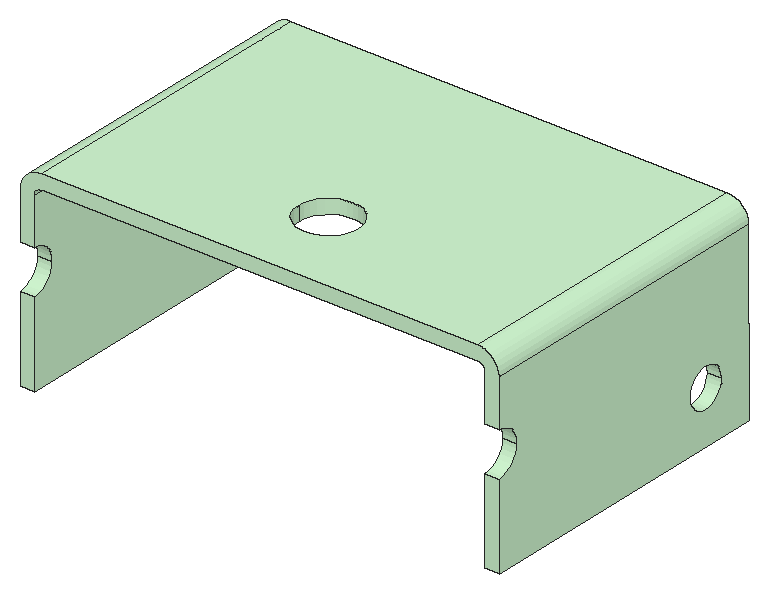
Revit family "rp-wcover", category 機械設備, Revit 2022
Family settings
  丸型コネクタ寸法 = 直径を使用
  種別 = なし
  パーツ タイプ = 標準
  作業面ベース = いいえ
  常に垂直 = いいえ
  ロード時にボイドで切り取り = いいえ
  注釈の向きを維持 = いいえ
  共有 = いいえ
  部屋計算ポイント = いいえ
Parameters
  製造元 = "株式会社桐井製作所"
  既定の高さ = 0 mm
  URL = "https://www.kirii.co.jp/"
  K_許容荷重(水平)野縁方向(N) = 1000
  K_許容荷重(水平)野縁受け方向(N) = 800
  K_許容荷重(引張)(N) = 900
  K_板厚(mm) = 1.6 mm
  K_品名 = "RP-Wカバー"
  K_名称 = "クリップ補強"
  K_入数 = "150"
  K_備考 = "許容荷重は、RP-Wクリップと組み合わせた状態の数値です。"
  K_バージョン情報 = "20211216"
Reference planes
  plane 1 "中心(正面/背面)": y = 0
  plane 2: z = 0
  plane 3 "中心(左/右)": x = 0
Forms (mm)
  Extrusion 1, solid
    sketch origin (1.146, 25.333, -5.462) x (1, 0, 0) y (0, 0, 1)
      loop
        arc (-26.496, 4.662) -> (-26.262, 5.228) -> (-25.696, 5.462) r 0.8
        line (-25.696, 5.462) -> (23.404, 5.462)
        arc (23.404, 5.462) -> (23.969, 5.228) -> (24.204, 4.662) r 0.8
        line (24.204, 4.662) -> (24.204, -15.138) -> (25.804, -15.138) -> (25.804, 4.662)
        arc (25.804, 4.662) -> (25.103, 6.357) -> (23.41, 7.062) r 2.4
        line (23.41, 7.062) -> (-25.69, 7.062)
        arc (-25.69, 7.062) -> (-27.391, 6.361) -> (-28.096, 4.662) r 2.4
        line (-28.096, 4.662) -> (-28.096, -15.138) -> (-26.496, -15.138) -> (-26.496, 4.662)
    from 0 to 35
  Extrusion 2, void
    sketch origin (0, 0, -10.4) x (1, 0, 0) y (0, 1, 0)
      loop
        circle (0, 0) r 3.4
    from 10.4 to 12
  Extrusion 3, void
    sketch origin (0, 7.714, -10.4) x (0, -1, 0) y (0, 0, -1)
      loop
        line (17.381, -4.3) -> (17.381, 0.7)
        arc (17.381, 0.7) -> (15.613, -0.032) -> (14.881, -1.8) r 2.5
        arc (14.881, -1.8) -> (15.613, -3.568) -> (17.381, -4.3) r 2.5
    from -26.95 to -25.35
  Extrusion 4, void
    sketch origin (0, 7.714, -10.4) x (0, -1, 0) y (0, 0, -1)
      loop
        circle (-11.619, 4.2) r 2.25
    from -26.95 to -25.35
  Extrusion 5, void
    sketch origin (52.3, 7.714, -10.4) x (0, -1, 0) y (0, 0, -1)
      loop
        line (17.381, -4.3) -> (17.381, 0.7)
        arc (17.381, 0.7) -> (15.613, -0.032) -> (14.881, -1.8) r 2.5
        arc (14.881, -1.8) -> (15.613, -3.568) -> (17.381, -4.3) r 2.5
    from -26.95 to -25.35
  Extrusion 6, void
    sketch origin (52.3, 7.714, -10.4) x (0, -1, 0) y (0, 0, -1)
      loop
        circle (-11.619, 4.2) r 2.25
    from -26.95 to -25.35
Cuts and joins
  Extrusion 2, Extrusion 3, Extrusion 4, Extrusion 5, Extrusion 6 cuts Extrusion 1
Dimensions and locks
  aligned and locked: level to plane 2
